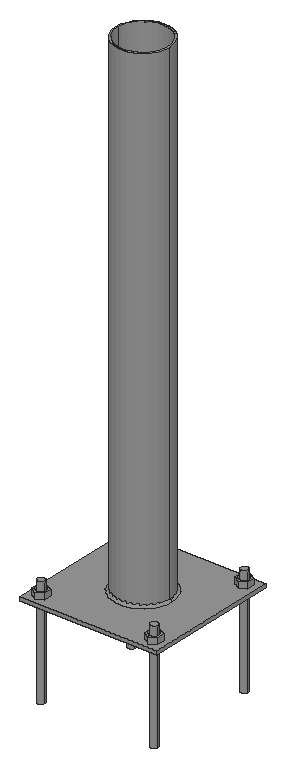
Revit family "RA412_R01", category Site, Revit 2025
Family settings
  Round Connector Dimension = Use Diameter
  Part Type = Normal
  Work Plane-Based = No
  Always vertical = Yes
  Cut with Voids When Loaded = No
  Shared = No
Parameters (values of type "Postech-Vistech RA412")
  c/c Plate-Axis = 0' - 5 3/4"
  c/c Holes-Plate = 0' - 1"
  c/c Ancrage-Plate = 0' - 1"
  Hexa bolts = 0' - 0 3/4"
  Dist Tube-Plate = 0' - 5 3/4"
  Dia int Tube = 0' - 4 67/256"
  Dia ext Tube = 0' - 4 1/2"
  Dia Holes = 0' - 1"
  Dia Ancrage = 0' - 0 5/8"
Reference planes (in)
  plane 1 "Center (Front/Back)": y = 0
  plane 2: z = 0
  plane 3 "Center (Left/Right)": x = 0
Forms (in)
  Extrusion 1, solid, material "Galvanized"
    sketch origin (0, 0, 0) x (1, 0, 0) y (0, 1, 0)
      loop
        line (-5.75, 5.75) -> (-5.75, -5.75) -> (5.75, -5.75) -> (5.75, 5.75) -> (-5.75, 5.75)
      loop
        circle (-4.75, 4.75) r 0.5
      loop
        circle (-4.75, -4.75) r 0.5
      loop
        circle (4.75, -4.75) r 0.5
      loop
        circle (4.75, 4.75) r 0.5
    from 0 to 0.3125
  Extrusion 2, solid, material "Galvanized"
    sketch origin (0, 0, 0) x (1, 0, 0) y (0, 1, 0)
      loop
        circle (0, 0) r 2.25
      loop
        circle (0, 0) r 2.13086
    from 0 to 42
  Extrusion 3, solid, material "Galvanized"
    sketch origin (0, 0, 0) x (1, 0, 0) y (0, 1, 0)
      loop
        circle (-4.75, 4.75) r 0.3125
      loop
        circle (-4.75, -4.75) r 0.3125
      loop
        circle (4.75, -4.75) r 0.3125
      loop
        circle (4.75, 4.75) r 0.3125
    from -7.6875 to 1.5
  Extrusion 4, solid, material "Galvanized"
    sketch origin (0, 0, 0.3125) x (1, 0, 0) y (0, 1, 0)
      loop
        line (4.74615, 4.13156) -> (5.28377, 4.44195) -> (5.28377, 5.06274) -> (4.74615, 5.37314) -> (4.20854, 5.06274) -> (4.20854, 4.44195) -> (4.74615, 4.13156)
      loop
        circle (4.75, 4.75) r 0.4375
    from 0 to 0.5
  Extrusion 5, solid, material "Galvanized"
    sketch origin (0, 0, 0.3125) x (1, 0, 0) y (0, 1, 0)
      loop
        line (4.74615, -5.36844) -> (5.28377, -5.05805) -> (5.28377, -4.43726) -> (4.74615, -4.12686) -> (4.20854, -4.43726) -> (4.20854, -5.05805) -> (4.74615, -5.36844)
      loop
        circle (4.75, -4.75) r 0.4375
    from 0 to 0.5
  Extrusion 6, solid, material "Galvanized"
    sketch origin (0, 0, 0.3125) x (1, 0, 0) y (0, 1, 0)
      loop
        line (-4.75385, -5.36844) -> (-4.21623, -5.05805) -> (-4.21623, -4.43726) -> (-4.75385, -4.12686) -> (-5.29146, -4.43726) -> (-5.29146, -5.05805) -> (-4.75385, -5.36844)
      loop
        circle (-4.75, -4.75) r 0.4375
    from 0 to 0.5
  Extrusion 7, solid, material "Galvanized"
    sketch origin (0, 0, 0.3125) x (1, 0, 0) y (0, 1, 0)
      loop
        line (-4.75385, 4.13156) -> (-4.21623, 4.44195) -> (-4.21623, 5.06274) -> (-4.75385, 5.37314) -> (-5.29146, 5.06274) -> (-5.29146, 4.44195) -> (-4.75385, 4.13156)
      loop
        circle (-4.75, 4.75) r 0.4375
    from 0 to 0.5
  Sweep 8, solid, material "Galvanized"
    path in 3D
      loop
        arc (2.25, 0, 42) -> (0, -2.25, 42) -> (-2.25, 0, 42) r 2.25
        arc (-2.25, 0, 42) -> (0, 2.25, 42) -> (2.25, 0, 42) r 2.25
    profile origin (0, 2.25, 42) x (0, 1, 0) y (0, 0, 1)
      loop
        line (0, -41.46308) -> (0, -41.6875) -> (0.22442, -41.6875)
        arc (0.22442, -41.6875) -> (0.06573, -41.62177) -> (0, -41.46308) r 0.22442
Lines and regions (in)
  sketch lines
    curve 1: arc (-2.25, 0, 42) -> (0, 2.25, 42) -> (2.25, 0, 42) r 2.25
    curve 2: arc (2.25, 0, 42) -> (0, -2.25, 42) -> (-2.25, 0, 42) r 2.25
Dimensions and locks (in)
  "c/c Plate-Axis": Extrusion 1 sketch curve to plane 3 "Center (Left/Right)"
  "c/c Plate-Axis": plane 3 "Center (Left/Right)" to Extrusion 1 sketch curve
  "c/c Plate-Axis": plane 1 "Center (Front/Back)" to Extrusion 1 sketch curve
  "c/c Plate-Axis": Extrusion 1 sketch curve to plane 1 "Center (Front/Back)"
  "c/c Holes-Plate": Extrusion 1 sketch curve to Extrusion 1 sketch curve  (x8)
  "Dist Tube-Plate": Extrusion 1 to Extrusion 2 sketch curve  (x2)
  "c/c Ancrage-Plate": Extrusion 1 to Extrusion 3 sketch curve  (x6)
  "c/c Ancrage-Plate": Extrusion 3 sketch curve to Extrusion 1  (x2)
  "Dia Holes": diameter of Extrusion 1 sketch curve  (x4)
  "Dia ext Tube": diameter of Extrusion 2 sketch curve
  "Dia Ancrage": diameter of Extrusion 3 sketch curve  (x4)
  "Dia int Tube": diameter of Extrusion 2 sketch curve
Automatic sketch dimensions
  Sweep 8 sketch curve to profile plane = 0' - 0"
  Sweep 8 sketch curve to profile plane = 0' - 0.22442"
  Sweep 8 sketch curve to profile plane = 3' - 5 11/16"
  Extrusion 5 sketch curve to Extrusion 1 = 0' - 0.38156"
  Extrusion 5 sketch curve to Extrusion 5 sketch curve = 0' - 0.00385"  (x2)
  Extrusion 5 sketch curve to Extrusion 5 sketch curve = 0' - 0.53762"
  Extrusion 5 sketch curve to Extrusion 1 = 0' - 0.46623"
  Extrusion 5 sketch curve to Extrusion 5 sketch curve = 0' - 0.30805"
  Extrusion 5 sketch curve to Extrusion 5 sketch curve = 0' - 0.31039"  (x2)
  Extrusion 5 sketch curve to Extrusion 5 sketch curve = 0' - 0.62079"
  Extrusion 5 sketch curve to Extrusion 5 sketch curve = 0' - 0.31274"
  Extrusion 6 sketch curve to Extrusion 1 = 0' - 0.38156"
  Extrusion 6 sketch curve to Extrusion 6 sketch curve = 0' - 0.00385"  (x2)
  Extrusion 6 sketch curve to Extrusion 1 = 0' - 0.45854"
  Extrusion 6 sketch curve to Extrusion 1 = 0' - 0.69195"
  Extrusion 6 sketch curve to Extrusion 6 sketch curve = 0' - 0.53377"
  Extrusion 6 sketch curve to Extrusion 6 sketch curve = 0' - 0.31039"  (x2)
  Extrusion 6 sketch curve to Extrusion 6 sketch curve = 0' - 0.62079"
  Extrusion 6 sketch curve to Extrusion 6 sketch curve = 0' - 0.31274"
  Extrusion 7 sketch curve to Extrusion 7 sketch curve = 0' - 0.00385"  (x2)
  Extrusion 7 sketch curve to Extrusion 1 = 0' - 0.37686"
  Extrusion 7 sketch curve to Extrusion 1 = 0' - 0.45854"
  Extrusion 7 sketch curve to Extrusion 7 sketch curve = 0' - 0.53377"
  Extrusion 7 sketch curve to Extrusion 7 sketch curve = 0' - 0.30805"  (x2)
  Extrusion 7 sketch curve to Extrusion 7 sketch curve = 0' - 0.61844"
  Extrusion 7 sketch curve to Extrusion 7 sketch curve = 0' - 0.31039"
  Extrusion 7 sketch curve to Extrusion 7 sketch curve = 0' - 0.31274"
  Extrusion 4 sketch curve to Extrusion 4 sketch curve = 0' - 0.00385"  (x2)
  Extrusion 4 sketch curve to Extrusion 1 = 0' - 0.37686"
  Extrusion 4 sketch curve to Extrusion 4 sketch curve = 0' - 0.53762"
  Extrusion 4 sketch curve to Extrusion 1 = 0' - 0.46623"
  Extrusion 4 sketch curve to Extrusion 4 sketch curve = 0' - 0.30805"  (x2)
  Extrusion 4 sketch curve to Extrusion 4 sketch curve = 0' - 0.61844"
  Extrusion 4 sketch curve to Extrusion 4 sketch curve = 0' - 0.31039"
  Extrusion 4 sketch curve to Extrusion 4 sketch curve = 0' - 0.31274"
  Extrusion 2 sketch curve to Extrusion 2 sketch curve = 0' - 0"  (x2)
  radius of Extrusion 5 sketch curve to Extrusion 1 = 0' - 0 1/16"
  radius of Extrusion 6 sketch curve to Extrusion 1 = 0' - 0 1/16"
  radius of Extrusion 7 sketch curve to Extrusion 1 = 0' - 0 1/16"
  radius of Extrusion 4 sketch curve to Extrusion 1 = 0' - 0 1/16"
